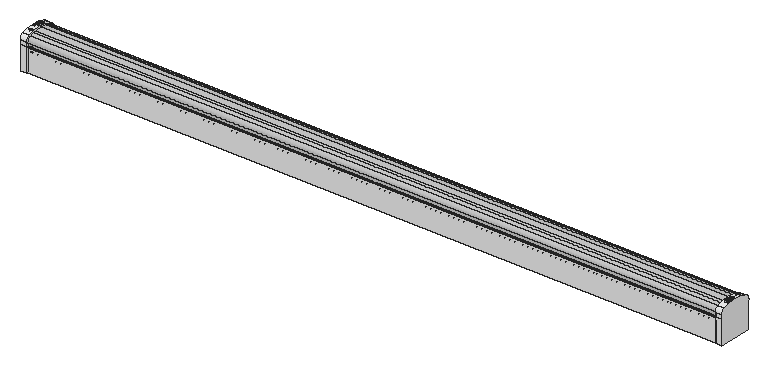
Revit family "Clevertronics_EPIC-1500-SEN-LP", category Lighting Fixtures, host Face, Revit 2020
Family settings
  Host = Face
  Round Connector Dimension = Use Diameter
  Part Type = Normal
  Cut with Voids When Loaded = No
  Light Source = Yes
  Shared = No
  Room Calculation Point = No
Parameters (values of type "EPIC-1500-SEN-LP-D2_AUB02211210001")
  Wattage = 47.25 W
  built-in parameter 1150110 = 1 (stored number, unit not read)
  built-in parameter 1150109 = 1 (stored number, unit not read)
  built-in parameter 1150134 = 12
  built-in parameter 1150113 = 1 (stored number, unit not read)
  Tilt Angle = -90.00°
  Photometric Web File = "EPIC-1500-4K_IESA_G_TUV7191314725_20230817.IES"
  Model = "EPIC-1500-SEN-LP-D2"
  Manufacturer = "Clevertronics"  # constant formula
  Emit from Line Length = 609.6 mm
  Description = "Epic 1500mm Diffused EmergencyBatten, Motion Sensor, Switchable Colour, DALI-2"
  CreatedBy = ""
  Clevertronics_Width = 72 mm
  Clevertronics_Weight = "2.2 Kg"
  Clevertronics_Viewing Distance = "N/A"
  Clevertronics_Total Lumen Output = "6117 lm (128.4 lm/W)"
  Clevertronics_Testing System = "DALI-2"
  Clevertronics_Testing Node = "8003062"
  Clevertronics_Supply Current = "180mA +/- 20mA"
  Clevertronics_Replacement Battery = "1550230"
  Clevertronics_Product Description = "Epic 1500mm Diffused EmergencyBatten, Motion Sensor, Switchable Colour, DALI-2"
  Clevertronics_Power Factor = "0.90 @ High Output"
  Clevertronics_Power Consumption = "47.25W"
  Clevertronics_Other Modules = "Sensor: 1190117"
  Clevertronics_Operating Voltage = "220-240V~ 50Hz"
  Clevertronics_Operating Temperature = "1°C to 40°C"
  Clevertronics_Operating Mode = "Sustained"
  Clevertronics_Mounting = "Surface Mount"
  Clevertronics_Material = Clevertronics_Plycarbonate Base
  Lumens = 6118.88 lm
  built-in parameter 1114217 = 1 (stored number, unit not read)
  built-in parameter 1150115 = 1 (stored number, unit not read)
  built-in parameter 1150105 = 486.92 (stored number, unit not read)
  built-in parameter 1150137 = 1
  built-in parameter 1150139 = (empty or 0)
  built-in parameter 1150112 = 1 (stored number, unit not read)
  built-in parameter 1150114 = 1 (stored number, unit not read)
  Lamp = "Dual LED strip module, 3000K warm white, 5700K cool white, >50,000hr life, Ra>80__L70/B50 Ta 40°C; Reported >54,000hr, Projected 158,000hr__L80/B50 Ta 40°C; Reported >54,000hr, Projected 99,000hr"
  built-in parameter 1150132 = (empty or 0)
  built-in parameter 1150102 = (empty or 0)
  built-in parameter 1150138 = (empty or 0)
  built-in parameter 1150107 = 4000 (stored number, unit not read)
  built-in parameter 1150106 = 4.8692 (stored number, unit not read)
  built-in parameter 1150104 = 12.031 (stored number, unit not read)
  Dimming Lamp Color Temperature Shift = <None>
  Default Elevation = 1200 mm
  Color Filter = 16777215
  Clevertronics_Stacked Symbol Position [instance] = 0
  Clevertronics_MIC Number = "AUB02211210001"
  Clevertronics_Length = 1533 mm
  Clevertronics_Inrush Current = "28.4A, <88µs"
  Clevertronics_Impact Rating = "IK03"
  Clevertronics_IP Rating = "IP20"
  Clevertronics_Height = 78 mm
  Clevertronics_Emergency Driver = "LED: 1330069, EM: AUM02270540001"
  Clevertronics_Earth Leakage = "0.152mA"
  Clevertronics_Driver/ Ballast = "LC 57W, 700-1050mA, flexC Ip SNC4"
  Clevertronics_Dimensions Main Enclosure = "L 1533mm x W 72mm x H 78mm"
  Clevertronics_Diffuser = "Co-extruded IP40 PC Diffuser Assembly"
  Clevertronics_Construction = "Powder Coated Sheet Metal Base, Co-extruded IP40 PC Diffuser Assembly, PC End Caps"
  Clevertronics_Charger Method = "Intelligent current limited constant voltage"
  Clevertronics_Battery Type = "Lithium Iron Phosphate"
  Clevertronics_Battery = "3.2V 6400mAh"
  Clevertronics_Applicable Standards = "AS/NZS3820, CISPR15, AS/NZS60598.1"
  Clevertronics_Annotation Vertical Offset [instance] = 0 mm
  Clevertronics_Annotation Size = 0 mm
  Clevertronics_Annotation Horizontal Offset [instance] = 0 mm
  Clevertronics_AS2293 Classification = "C0=D63 C90=D40"
  built-in parameter 1140040 [instance] = 1
  built-in parameter 1114218 = 1 (stored number, unit not read)
  built-in parameter 1150133 = 10 (stored number, unit not read)
  Assembly Code = ""
  Apparent Load = 0 VA
Types (4, lengths in mm): name | Wattage | Model | Description | Clevertronics_Testing System | Clevertronics_Testing Node | Clevertronics_Product Description | Clevertronics_Power Consumption | Lumens | built-in parameter 1150105 | built-in parameter 1150106 | built-in parameter 1150104 | Clevertronics_MIC Number | Clevertronics_Emergency Driver
  EPIC-1500-SEN-LP_AUB02310330001 | 47.61 W | "EPIC-1500-SEN-LP" | "Epic 1500mm Diffused Batten, LP, Motion Sensor, Switchable Colour" | "Clevertest Plus Enabled (Not activated by default)" | "N/A" | "Epic 1500mm Diffused Batten, LP, Motion Sensor, Switchable Colour" | "0.9/47.6/52.2 (STDYBY/PWR-ON/MAX)" | 6113.12 lm | 486.47 (stored number, unit not read) | 4.8647 (stored number, unit not read) | 11.929 (stored number, unit not read) | "AUB02310330001" | "LED: 1330069, EM: AUM02370050002"
  EPIC-1500-SEN-LP-HV_AUB02810230001 | 47.25 W | "EPIC-1500-SEN-LP-HV" | "Epic 1500mm Diffused EmergencyBatten, Motion Sensor, Switchable Colour, Zoneworks XT Hive" | "Zoneworks XT HIVE (RF)" | "8003191" | "Epic 1500mm Diffused EmergencyBatten, Motion Sensor, Switchable Colour, Zoneworks XT Hive" | "47.25W" | 6118.88 lm | 486.92 (stored number, unit not read) | 4.8692 (stored number, unit not read) | 12.031 (stored number, unit not read) | "AUB02810230001" | "LED: 1330069, EM: AUM02870110002"
  EPIC-1500-SEN-LP-HVG_AUB02910180001 | 47.25 W | "EPIC-1500-SEN-LP-HVG" | "Epic 1500mm Diffused EmergencyBatten, Motion Sensor, Switchable Colour, Zoneworks XT Hive" | "Zoneworks XT HIVE (RF) 2.4GHz" | "8003580" | "Epic 1500mm Diffused EmergencyBatten, Motion Sensor, Switchable Colour, Zoneworks XT Hive" | "47.25W" | 6118.88 lm | 486.92 (stored number, unit not read) | 4.8692 (stored number, unit not read) | 12.031 (stored number, unit not read) | "AUB02910180001" | "LED: 1330069, EM: AUM02970010002"
  EPIC-1500-SEN-LP-D2_AUB02211210001 | 47.25 W | "EPIC-1500-SEN-LP-D2" | "Epic 1500mm Diffused EmergencyBatten, Motion Sensor, Switchable Colour, DALI-2" | "DALI-2" | "8003062" | "Epic 1500mm Diffused EmergencyBatten, Motion Sensor, Switchable Colour, DALI-2" | "47.25W" | 6118.88 lm | 486.92 (stored number, unit not read) | 4.8692 (stored number, unit not read) | 12.031 (stored number, unit not read) | "AUB02211210001" | "LED: 1330069, EM: AUM02270540001"
Reference planes
  plane 1 "Center (Front/Back)": y = 0
  plane 2: z = 0
  plane 3 "Center (Left/Right)": x = 0
  plane 4: y = -16.746
  plane 5: x = 759.289
Forms (mm)
  Extrusion 1, solid, material "Clevertronics_Metal, Powder Coated, White"
    sketch origin (0, 0, 0) x (0, 1, 0) y (0, 0, 1)
      loop
        line (-34, 47.888) -> (-34, 0) -> (34, 0) -> (34, 47.888) -> (-34, 47.888)
    from -752.5 to 752.5
  Extrusion 2, solid, material "Clevertronics_Metal, Powder Coated, White"
    sketch origin (0, 0, 0) x (0, 1, 0) y (0, 0, 1)
      loop
        line (-36, 52.408) -> (-36, 0) -> (36, 0) -> (36, 52.408) -> (36, 60.131)
        arc (36, 60.131) -> (33.916, 66.575) -> (28.656, 70.839) r 11.905
        arc (28.656, 70.839) -> (14.609, 75.128) -> (0, 76.645) r 76.257
        arc (0, 76.645) -> (-14.609, 75.128) -> (-28.656, 70.839) r 76.257
        arc (-28.656, 70.839) -> (-33.916, 66.575) -> (-36, 60.131) r 11.905
        line (-36, 60.131) -> (-36, 52.408)
    from 752.5 to 766.5
  Extrusion 3, solid, material "Clevertronics_Metal, Powder Coated, White"
    sketch origin (0, 0, 0) x (0, 1, 0) y (0, 0, -1)
      loop
        line (-36, -52.408) -> (-36, -60.131)
        arc (-36, -60.131) -> (-33.916, -66.575) -> (-28.656, -70.839) r 11.905
        arc (-28.656, -70.839) -> (-14.609, -75.128) -> (0, -76.645) r 76.257
        arc (0, -76.645) -> (14.609, -75.128) -> (28.656, -70.839) r 76.257
        arc (28.656, -70.839) -> (33.916, -66.575) -> (36, -60.131) r 11.905
        line (36, -60.131) -> (36, -52.408) -> (36, 0) -> (-36, 0) -> (-36, -52.408)
    from 752.5 to 766.5
  Extrusion 4, solid, material "Clevertronics_Diffuser"
    sketch origin (0, 0, 0) x (0, 1, 0) y (0, 0, 1)
      loop
        line (-34.069, 59.777) -> (-34.069, 51.88)
        arc (-34.069, 51.88) -> (-33.924, 50.796) -> (-33.5, 49.788) r 4.133
        arc (-33.5, 49.788) -> (-32.498, 48.413) -> (-30.88, 47.888) r 2.757
        line (-30.88, 47.888) -> (-28.532, 47.888)
        arc (-28.532, 47.888) -> (-27.825, 47.595) -> (-27.532, 46.888) r 1
        line (-27.532, 46.888) -> (-27.532, 42.271)
        arc (-27.532, 42.271) -> (-27.672, 41.769) -> (-28.05, 41.41) r 0.975
        arc (-28.05, 41.41) -> (-28.547, 41.043) -> (-28.86, 40.51) r 1.534
        arc (-28.86, 40.51) -> (-28.861, 39.627) -> (-28.395, 38.877) r 1.604
        arc (-28.395, 38.877) -> (-27.949, 38.586) -> (-27.659, 38.14) r 1.288
        arc (-27.659, 38.14) -> (-27.538, 37.699) -> (-27.532, 37.243) r 1.808
        line (-27.532, 37.243) -> (-27.532, 36.166) -> (-26.332, 36.166) -> (-26.332, 37.545)
        arc (-26.332, 37.545) -> (-26.601, 38.712) -> (-27.354, 39.643) r 2.666
        arc (-27.354, 39.643) -> (-27.655, 40.035) -> (-27.354, 40.427) r 0.406
        arc (-27.354, 40.427) -> (-26.657, 41.181) -> (-26.34, 42.157) r 2.392
        line (-26.34, 42.157) -> (-26.34, 42.98)
        arc (-26.34, 42.98) -> (-26.107, 43.299) -> (-25.732, 43.421) r 0.64
        line (-25.732, 43.421) -> (-24.946, 43.421) -> (-24.946, 44.426) -> (-25.759, 44.426)
        arc (-25.759, 44.426) -> (-26.144, 44.574) -> (-26.331, 44.943) r 0.575
        arc (-26.331, 44.943) -> (-26.103, 45.493) -> (-25.552, 45.721) r 0.779
        line (-25.552, 45.721) -> (-19.532, 45.721) -> (-19.532, 44.426) -> (-21.232, 44.426) -> (-21.232, 43.421) -> (0, 43.421) -> (21.232, 43.421) -> (21.232, 44.426) -> (19.532, 44.426) -> (19.532, 45.721) -> (25.552, 45.721)
        arc (25.552, 45.721) -> (26.103, 45.493) -> (26.331, 44.943) r 0.779
        arc (26.331, 44.943) -> (26.144, 44.574) -> (25.759, 44.426) r 0.575
        line (25.759, 44.426) -> (24.946, 44.426) -> (24.946, 43.421) -> (25.732, 43.421)
        arc (25.732, 43.421) -> (26.107, 43.299) -> (26.34, 42.98) r 0.64
        line (26.34, 42.98) -> (26.34, 42.157)
        arc (26.34, 42.157) -> (26.657, 41.181) -> (27.354, 40.427) r 2.392
        arc (27.354, 40.427) -> (27.655, 40.035) -> (27.354, 39.643) r 0.406
        arc (27.354, 39.643) -> (26.601, 38.712) -> (26.332, 37.545) r 2.666
        line (26.332, 37.545) -> (26.332, 36.166) -> (27.532, 36.166) -> (27.532, 37.243)
        arc (27.532, 37.243) -> (27.538, 37.699) -> (27.659, 38.14) r 1.808
        arc (27.659, 38.14) -> (27.949, 38.586) -> (28.395, 38.877) r 1.288
        arc (28.395, 38.877) -> (28.861, 39.627) -> (28.86, 40.51) r 1.604
        arc (28.86, 40.51) -> (28.547, 41.043) -> (28.05, 41.41) r 1.534
        arc (28.05, 41.41) -> (27.672, 41.769) -> (27.532, 42.271) r 0.975
        line (27.532, 42.271) -> (27.532, 46.888)
        arc (27.532, 46.888) -> (27.825, 47.595) -> (28.532, 47.888) r 1
        line (28.532, 47.888) -> (30.88, 47.888)
        arc (30.88, 47.888) -> (32.498, 48.413) -> (33.5, 49.788) r 2.757
        arc (33.5, 49.788) -> (33.924, 50.796) -> (34.069, 51.88) r 4.133
        line (34.069, 51.88) -> (34.069, 59.777)
        arc (34.069, 59.777) -> (32.342, 65.394) -> (27.757, 69.07) r 9.998
        arc (27.757, 69.07) -> (23.38, 70.69) -> (18.934, 72.108) r 101.656
        arc (18.934, 72.108) -> (16.467, 72.704) -> (13.989, 73.25) r 123.107
        arc (13.989, 73.25) -> (7.022, 74.221) -> (0, 74.623) r 86.5
        arc (0, 74.623) -> (-7.022, 74.221) -> (-13.989, 73.25) r 86.5
        arc (-13.989, 73.25) -> (-16.478, 72.752) -> (-18.934, 72.108) r 43.176
        arc (-18.934, 72.108) -> (-23.38, 70.69) -> (-27.757, 69.07) r 101.656
        arc (-27.757, 69.07) -> (-32.342, 65.394) -> (-34.069, 59.777) r 9.998
      loop
        line (-16.282, 45.721) -> (-18.118, 45.721)
        arc (-18.118, 45.721) -> (-18.532, 45.074) -> (-18.118, 44.426) r 0.713
        line (-18.118, 44.426) -> (0, 44.426) -> (18.118, 44.426)
        arc (18.118, 44.426) -> (18.532, 45.074) -> (18.118, 45.721) r 0.713
        line (18.118, 45.721) -> (16.282, 45.721) -> (16.282, 46.721) -> (25.799, 46.721)
        arc (25.799, 46.721) -> (26.268, 46.901) -> (26.498, 47.347) r 0.703
        arc (26.498, 47.347) -> (27.192, 48.509) -> (28.457, 48.991) r 2.062
        line (28.457, 48.991) -> (30.88, 48.888)
        arc (30.88, 48.888) -> (31.806, 49.132) -> (32.431, 49.857) r 1.617
        arc (32.431, 49.857) -> (32.728, 50.49) -> (32.978, 51.144) r 9.501
        line (32.978, 51.144) -> (33.071, 51.926) -> (33.071, 59.777)
        arc (33.071, 59.777) -> (31.56, 64.77) -> (27.534, 68.087) r 9.005
        arc (27.534, 68.087) -> (25.319, 68.975) -> (23.078, 69.798) r 82.593
        line (23.078, 69.798) -> (18.668, 71.135) -> (14.068, 72.23)
        arc (14.068, 72.23) -> (9.433, 72.986) -> (4.76, 73.456) r 76.595
        line (4.76, 73.456) -> (0, 73.622) -> (-4.76, 73.456)
        arc (-4.76, 73.456) -> (-9.433, 72.986) -> (-14.068, 72.23) r 76.595
        line (-14.068, 72.23) -> (-18.668, 71.135) -> (-23.078, 69.798)
        arc (-23.078, 69.798) -> (-25.319, 68.975) -> (-27.534, 68.087) r 82.593
        arc (-27.534, 68.087) -> (-31.56, 64.77) -> (-33.071, 59.777) r 9.005
        line (-33.071, 59.777) -> (-33.071, 51.926) -> (-32.978, 51.144)
        arc (-32.978, 51.144) -> (-32.728, 50.49) -> (-32.431, 49.857) r 9.501
        arc (-32.431, 49.857) -> (-31.806, 49.132) -> (-30.88, 48.888) r 1.617
        line (-30.88, 48.888) -> (-28.457, 48.991)
        arc (-28.457, 48.991) -> (-27.192, 48.509) -> (-26.498, 47.347) r 2.062
        arc (-26.498, 47.347) -> (-26.268, 46.901) -> (-25.799, 46.721) r 0.703
        line (-25.799, 46.721) -> (-16.282, 46.721) -> (-16.282, 45.721)
    from -751.5 to 752.5
  Extrusion 5, void
    sketch origin (0, 0, 0) x (1, 0, 0) y (0, 1, 0)
      loop
        arc (-762.875, -15.866) -> (-763.266, -16.003) -> (-763.487, -16.353) r 0.629
        line (-763.487, -16.353) -> (-763.487, -17.138)
        arc (-763.487, -17.138) -> (-763.266, -17.489) -> (-762.875, -17.625) r 0.629
        line (-762.875, -17.625) -> (-759.68, -17.625)
        arc (-759.68, -17.625) -> (-759.248, -17.624) -> (-758.88, -17.85) r 0.787
        line (-758.88, -17.85) -> (-758.88, -18.685)
        arc (-758.88, -18.685) -> (-758.564, -18.984) -> (-758.151, -18.847) r 0.423
        line (-758.151, -18.847) -> (-756.044, -17.169)
        arc (-756.044, -17.169) -> (-755.779, -16.746) -> (-756.044, -16.322) r 0.471
        line (-756.044, -16.322) -> (-758.151, -14.644)
        arc (-758.151, -14.644) -> (-758.564, -14.507) -> (-758.88, -14.806) r 0.423
        line (-758.88, -14.806) -> (-758.88, -15.641)
        arc (-758.88, -15.641) -> (-759.248, -15.868) -> (-759.68, -15.866) r 0.787
        line (-759.68, -15.866) -> (-762.875, -15.866)
    from 73.831 to 75.439
  Extrusion 6, void
    sketch origin (776.035, 776.025, 0) x (0, 1, 0) y (-1, 0, 0)
      loop
        line (-762.875, 15.866) -> (-759.68, 15.866)
        arc (-759.68, 15.866) -> (-759.248, 15.868) -> (-758.88, 15.641) r 0.787
        line (-758.88, 15.641) -> (-758.88, 14.806)
        arc (-758.88, 14.806) -> (-758.564, 14.507) -> (-758.151, 14.644) r 0.423
        line (-758.151, 14.644) -> (-756.044, 16.322)
        arc (-756.044, 16.322) -> (-755.779, 16.746) -> (-756.044, 17.169) r 0.471
        line (-756.044, 17.169) -> (-758.151, 18.847)
        arc (-758.151, 18.847) -> (-758.564, 18.984) -> (-758.88, 18.685) r 0.423
        line (-758.88, 18.685) -> (-758.88, 17.85)
        arc (-758.88, 17.85) -> (-759.248, 17.624) -> (-759.68, 17.625) r 0.787
        line (-759.68, 17.625) -> (-762.875, 17.625)
        arc (-762.875, 17.625) -> (-763.266, 17.489) -> (-763.487, 17.138) r 0.629
        line (-763.487, 17.138) -> (-763.487, 16.353)
        arc (-763.487, 16.353) -> (-763.266, 16.003) -> (-762.875, 15.866) r 0.629
    from 73.14 to 75.771
  Extrusion 7, solid
    sketch origin (0, 7.92, 1.026) x (1, 0, 0) y (0, 0.994522, 0.104528)
      loop
        circle (756.915, -14.552) r 1.585
      loop
        circle (756.915, -14.552) r 0.832
      loop
        line (758.685, -12.669) -> (758.685, -11.855) -> (757.354, -11.855)
        arc (757.354, -11.855) -> (756.667, -10.299) -> (756.062, -11.888) r 0.919
        line (756.062, -11.888) -> (755.253, -11.888) -> (755.253, -12.669) -> (758.685, -12.669)
      loop
        line (756.97, -9.252) -> (756.97, -7.635) -> (755.973, -7.998)
        arc (755.973, -7.998) -> (756.448, -10.019) -> (757.834, -8.474) r 1.171
        line (757.834, -8.474) -> (757.279, -7.682) -> (757.207, -8.501)
        arc (757.207, -8.501) -> (757.385, -8.97) -> (756.97, -9.252) r 0.405
      loop
        line (756.586, -9.25) -> (756.586, -8.453)
        arc (756.586, -8.453) -> (756.188, -8.852) -> (756.586, -9.25) r 0.398
      loop
        line (758.008, -5.855) -> (758.008, -5.046) -> (756.586, -5.046)
        arc (756.586, -5.046) -> (755.87, -5.659) -> (756.362, -6.462) r 0.726
        line (756.362, -6.462) -> (755.567, -6.462) -> (755.567, -7.267) -> (758.008, -7.267) -> (758.008, -6.462) -> (756.541, -6.462)
        arc (756.541, -6.462) -> (756.669, -6.038) -> (757.073, -5.855) r 0.536
        line (757.073, -5.855) -> (758.008, -5.855)
      loop
        line (760.183, -15.075) -> (760.183, -15.879) -> (762.558, -15.879)
        arc (762.558, -15.879) -> (763.049, -15.624) -> (763.121, -15.075) r 0.6
        arc (763.121, -15.075) -> (762.729, -14.583) -> (762.337, -15.075) r 0.402
        line (762.337, -15.075) -> (760.183, -15.075)
      loop
        line (763.082, -14.251) -> (763.082, -13.444) -> (761.94, -13.444)
        arc (761.94, -13.444) -> (761.638, -13.142) -> (761.94, -12.84) r 0.302
        line (761.94, -12.84) -> (763.082, -12.84) -> (763.082, -12.05) -> (761.66, -12.05)
        arc (761.66, -12.05) -> (760.891, -12.54) -> (761.012, -13.444) r 0.848
        line (761.012, -13.444) -> (760.183, -13.444) -> (760.183, -14.251) -> (763.082, -14.251)
      loop
        line (760.981, -10.711) -> (760.981, -11.517) -> (763.082, -11.517) -> (763.082, -10.711) -> (760.981, -10.711)
      loop
        line (760.848, -11.114) -> (760.087, -10.837) -> (759.327, -11.114) -> (760.087, -11.391) -> (760.848, -11.114)
      loop
        arc (760.715, -7.107) -> (759.937, -8.247) -> (760.675, -9.414) r 1.256
        line (760.675, -9.414) -> (762.067, -8.8)
        arc (762.067, -8.8) -> (762.681, -9.059) -> (762.389, -9.658) r 0.459
        line (762.389, -9.658) -> (762.668, -10.425)
        arc (762.668, -10.425) -> (763.224, -8.903) -> (761.861, -8.026) r 1.297
        arc (761.861, -8.026) -> (761.334, -8.609) -> (760.548, -8.613) r 0.975
        arc (760.548, -8.613) -> (760.578, -8.126) -> (760.991, -7.865) r 0.537
        line (760.991, -7.865) -> (760.715, -7.107)
      loop
        line (762.23, -5.659) -> (762.23, -4.043) -> (761.232, -4.406)
        arc (761.232, -4.406) -> (761.707, -6.426) -> (763.093, -4.881) r 1.171
        line (763.093, -4.881) -> (762.538, -4.089) -> (762.467, -4.908)
        arc (762.467, -4.908) -> (762.644, -5.377) -> (762.23, -5.659) r 0.405
      loop
        line (761.846, -5.657) -> (761.846, -4.861)
        arc (761.846, -4.861) -> (761.447, -5.259) -> (761.846, -5.657) r 0.398
      loop
        line (763.302, -2.27) -> (763.302, -1.462) -> (761.881, -1.462)
        arc (761.881, -1.462) -> (761.164, -2.074) -> (761.656, -2.878) r 0.726
        line (761.656, -2.878) -> (760.861, -2.878) -> (760.861, -3.682) -> (763.302, -3.682) -> (763.302, -2.878) -> (761.835, -2.878)
        arc (761.835, -2.878) -> (761.963, -2.453) -> (762.367, -2.27) r 0.536
        line (762.367, -2.27) -> (763.302, -2.27)
      loop
        line (759.93, 1.254) -> (759.93, 0.44) -> (761.261, 0.44)
        arc (761.261, 0.44) -> (761.948, -1.115) -> (762.553, 0.473) r 0.919
        line (762.553, 0.473) -> (763.361, 0.473) -> (763.361, 1.254) -> (759.93, 1.254)
    from 74.623 to 76.633
  Extrusion 8, solid
    sketch origin (0.416, -5.13, 0.438) x (-1, 0, 0) y (0, -0.997564, 0.069756)
      loop
        circle (762.369, -15.185) r 1.585
      loop
        circle (762.369, -15.185) r 0.832
      loop
        line (758.997, -12.591) -> (758.997, -11.777) -> (757.667, -11.777)
        arc (757.667, -11.777) -> (756.98, -10.221) -> (756.374, -11.81) r 0.919
        line (756.374, -11.81) -> (755.566, -11.81) -> (755.566, -12.591) -> (758.997, -12.591)
      loop
        line (757.283, -9.174) -> (757.283, -7.557) -> (756.286, -7.92)
        arc (756.286, -7.92) -> (756.76, -9.941) -> (758.146, -8.396) r 1.171
        line (758.146, -8.396) -> (757.592, -7.604) -> (757.52, -8.423)
        arc (757.52, -8.423) -> (757.698, -8.892) -> (757.283, -9.174) r 0.405
      loop
        line (756.899, -9.172) -> (756.899, -8.375)
        arc (756.899, -8.375) -> (756.501, -8.774) -> (756.899, -9.172) r 0.398
      loop
        line (758.32, -5.777) -> (758.32, -4.968) -> (756.899, -4.968)
        arc (756.899, -4.968) -> (756.182, -5.581) -> (756.675, -6.384) r 0.726
        line (756.675, -6.384) -> (755.879, -6.384) -> (755.879, -7.189) -> (758.32, -7.189) -> (758.32, -6.384) -> (756.854, -6.384)
        arc (756.854, -6.384) -> (756.981, -5.96) -> (757.385, -5.777) r 0.536
        line (757.385, -5.777) -> (758.32, -5.777)
      loop
        line (760.785, -12.278) -> (760.785, -13.082) -> (763.16, -13.082)
        arc (763.16, -13.082) -> (763.651, -12.827) -> (763.723, -12.278) r 0.6
        arc (763.723, -12.278) -> (763.331, -11.786) -> (762.939, -12.278) r 0.402
        line (762.939, -12.278) -> (760.785, -12.278)
      loop
        line (763.572, -11.469) -> (763.572, -10.663) -> (762.43, -10.663)
        arc (762.43, -10.663) -> (762.128, -10.361) -> (762.43, -10.058) r 0.302
        line (762.43, -10.058) -> (763.572, -10.058) -> (763.572, -9.268) -> (762.15, -9.268)
        arc (762.15, -9.268) -> (761.381, -9.759) -> (761.502, -10.663) r 0.848
        line (761.502, -10.663) -> (760.673, -10.663) -> (760.673, -11.469) -> (763.572, -11.469)
      loop
        line (762.653, -2.19) -> (762.653, -0.574) -> (761.656, -0.937)
        arc (761.656, -0.937) -> (762.13, -2.957) -> (763.516, -1.412) r 1.171
        line (763.516, -1.412) -> (762.962, -0.62) -> (762.89, -1.439)
        arc (762.89, -1.439) -> (763.068, -1.908) -> (762.653, -2.19) r 0.405
      loop
        line (762.269, -2.188) -> (762.269, -1.392)
        arc (762.269, -1.392) -> (761.871, -1.79) -> (762.269, -2.188) r 0.398
      loop
        line (763.725, 1.199) -> (763.725, 2.007) -> (762.304, 2.007)
        arc (762.304, 2.007) -> (761.587, 1.395) -> (762.08, 0.591) r 0.726
        line (762.08, 0.591) -> (761.284, 0.591) -> (761.284, -0.213) -> (763.725, -0.213) -> (763.725, 0.591) -> (762.259, 0.591)
        arc (762.259, 0.591) -> (762.386, 1.016) -> (762.79, 1.199) r 0.536
        line (762.79, 1.199) -> (763.725, 1.199)
      loop
        line (760.353, 4.723) -> (760.353, 3.909) -> (761.684, 3.909)
        arc (761.684, 3.909) -> (762.371, 2.354) -> (762.976, 3.942) r 0.919
        line (762.976, 3.942) -> (763.785, 3.942) -> (763.785, 4.723) -> (760.353, 4.723)
      loop
        circle (757.132, -14.435) r 1.585
      loop
        circle (757.132, -14.435) r 0.832
      loop
        line (762.634, -8.001) -> (762.634, -6.384) -> (761.637, -6.747)
        arc (761.637, -6.747) -> (762.112, -8.768) -> (763.498, -7.223) r 1.171
        line (763.498, -7.223) -> (762.943, -6.431) -> (762.871, -7.25)
        arc (762.871, -7.25) -> (763.049, -7.719) -> (762.634, -8.001) r 0.405
      loop
        line (762.25, -7.999) -> (762.25, -7.202)
        arc (762.25, -7.202) -> (761.852, -7.601) -> (762.25, -7.999) r 0.398
      loop
        line (763.532, -6.04) -> (763.532, -5.23) -> (762.75, -5.23)
        arc (762.75, -5.23) -> (762.321, -5.028) -> (762.204, -4.568) r 0.557
        line (762.204, -4.568) -> (761.414, -4.415) -> (761.823, -5.275)
        arc (761.823, -5.275) -> (761.43, -5.239) -> (761.037, -5.207) r 35.189
        line (761.037, -5.207) -> (761.037, -6.04) -> (763.532, -6.04)
    from 74.623 to 76.633
Cuts and joins
  Extrusion 5 cuts Extrusion 3
  Extrusion 6 cuts Extrusion 2
Dimensions and locks
  aligned and locked: host face to plane 2
  aligned and locked: host face to level
Connectors
  electrical at (0, 0, 0)
    settings: on Extrusion 1, index 1, voltage 220 V, apparent load 0 VA, apparent load phase1 53 VA, apparent load phase2 0 VA, apparent load phase3 0 VA, power factor 0.9, load classification "Other", number of poles 1, system type 31, power factor state 1, is connector primary yes, connector utility no, sub classification motor no, connector description ""
